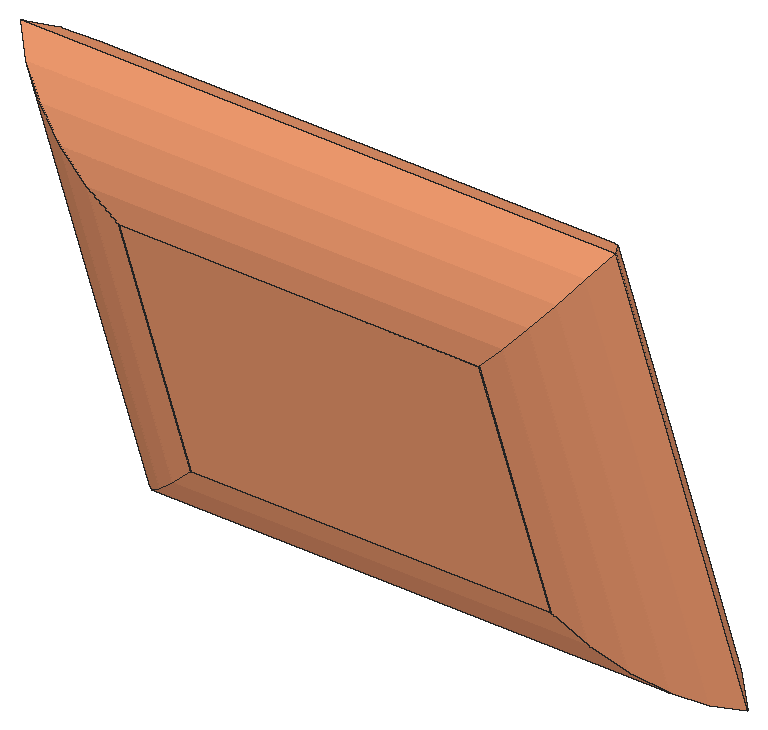
Revit family "Haworth_Janus_Accessories_Pillows_Rectangle", category Furniture, Revit 2018
Family settings
  OmniClass Number = 23.40.20.00
  OmniClass Title = General Furniture and Specialties
  Work Plane-Based = No
  Always vertical = Yes
  Cut with Voids When Loaded = No
  Shared = No
  Room Calculation Point = No
Parameters (values of type "HCJC-JP-P2824")
  WidthCore = Actual Width - 2 * 5 17/32"  # 16 15/16"
  Warranty = "http://www.haworth.com/resources/product-info/warranties"
  Version = "2"  # constant formula
  URL - Product = "https://www.haworth.com/our-brands/haworth-collection/janus-et-cie"
  URL = "http://www.haworth.com/our-brands/haworth-collection"
  Sustainability Info = "https://www.haworth.com/company-info/sustainability"
  Size = "Verify Final Dim. w/ Haworth"  # constant formula
  Pillow Finish [instance] = Haworth _ Fabric _ Janus_Pillows _ Copper JEC-352
  Pillow Offset [instance] = 17"
  Model = "HCJC-JP-P2824"
  Manufacturer = "Haworth"  # constant formula
  HeightCore = Actual Height - 2 * 5 17/32"  # 12 15/16"
  Description = "Haworth - Janus - Pillows - Rectangle - 28 x 24"
  Author = "Haworth (Abd Rahman)"  # constant formula
  Assembly Code = "E2020200"
  Actual Width = 28"
  Actual Height = 24"
  Actual Depth = 5"  # constant formula
Types (10): name | WidthCore | Pillow Offset | Model | HeightCore | Description | Actual Width | Actual Height
  (no name) | 16 15/16" | 17" | "HCJC-JP-P2824" | 12 15/16" | "Haworth - Janus - Pillows - Rectangle - 28 x 24" | 28" | 24"
  HCJC-JP-P2412 | 12 15/16" | 2.06127" | "HCJC-JP-P2412" | 15/16" | "Haworth - Janus - Pillows - Rectangle - 24 x 12" | 24" | 12"
  HCJC-JP-P2014 | 8 15/16" | 2.06127" | "HCJC-JP-P2014" | 2 15/16" | "Haworth - Janus - Pillows - Rectangle - 20 x 14" | 20" | 14"
  HCJC-JP-P2017 | 8 15/16" | 2.06127" | "HCJC-JP-P2017" | 5 15/16" | "Haworth - Janus - Pillows - Rectangle - 20 x 17" | 20" | 17"
  HCJC-JP-P2018 | 8 15/16" | 2.06127" | "HCJC-JP-P2018" | 6 15/16" | "Haworth - Janus - Pillows - Rectangle - 20 x 18" | 20" | 18"
  HCJC-JP-P1812 | 6 15/16" | 2.06127" | "HCJC-JP-P1812" | 15/16" | "Haworth - Janus - Pillows - Rectangle - 18 x 12" | 18" | 12"
  HCJC-JP-P2417 | 12 15/16" | 2.06127" | "HCJC-JP-P2417" | 5 15/16" | "Haworth - Janus - Pillows - Rectangle - 24 x 17" | 24" | 17"
  HCJC-JP-P2815 | 16 15/16" | 2.06127" | "HCJC-JP-P2815" | 3 15/16" | "Haworth - Janus - Pillows - Rectangle - 28 x 15" | 28" | 15"
  HCJC-JP-P2822 | 16 15/16" | 2.06127" | "HCJC-JP-P2822" | 10 15/16" | "Haworth - Janus - Pillows - Rectangle - 28 x 22" | 28" | 22"
  HCJC-JP-P2824 | 16 15/16" | 17" | "HCJC-JP-P2824" | 12 15/16" | "Haworth - Janus - Pillows - Rectangle - 28 x 24" | 28" | 24"
Reference planes (in)
  plane 1 "Center Front/Back": y = -1.75
  plane 2: z = 0
  plane 3 "Center Left/Right": x = 0
  plane 4: through (-8.71875, -176.26422, -24.17327) normal (0, -0.3256, 0.9455)
  plane 5: through (-8.71875, -172.05218, -36.40592) normal (0, -0.3256, 0.9455)
  plane 6: x = -8.46875
  plane 7: x = 8.46875
  plane 8: x = 0
  plane 9: x = -14
  plane 10: x = 14
  plane 11: y = 0.52851
  plane 12: y = -4.47149
  plane 13: y = 1.52851
  plane 14: y = -5.47149
  plane 15 "Offset Height": z = 17
Forms (in)
  Extrusion 1, solid, material "Haworth _ Fabric _ Janus_Pillows _ Copper JEC-352" <- "Pillow Finish"
    sketch origin (-3, 5.89044, -0.3092) x (1, 0, 0) y (0, -0.325568, 0.945519)
      loop
        line (-5.46875, 36.73983) -> (-5.46875, 23.80233) -> (11.46875, 23.80233) -> (11.46875, 36.73983) -> (-5.46875, 36.73983)
    from -3 to 3
  Sweep 2, solid, material "Haworth _ Fabric _ Janus_Pillows _ Copper JEC-352" <- "Pillow Finish"
    path in 3D
      loop
        line (-8.46875, -8.90743, 33.45229) -> (-8.46875, -4.6954, 21.21964) -> (8.46875, -4.6954, 21.21964) -> (8.46875, -8.90743, 33.45229) -> (-8.46875, -8.90743, 33.45229)
    profile origin (0, -8.90743, 33.45229) x (0, -0.945519, -0.325568) y (0, -0.325568, 0.945519)
      loop
        line (-6, 0) -> (0, 0)
        arc (0, 0) -> (-0.85828, 3.134) -> (-3.0658, 5.51842) r 6.84077
        arc (-3.0658, 5.51842) -> (-5.14908, 3.08684) -> (-6, 0) r 7.34567
Lines and regions (in)
  Masking region 1
    outline origin (-37, -180, 17) x (-1, 0, 0) y (0, -1, 0)
      loop
        line (-23, -180.52851) -> (-23, -175.52851)
        arc (-23, -175.52851) -> (-37, -174.52851) -> (-51, -175.52851) r 98.5
        line (-51, -175.52851) -> (-51, -180.52851)
        arc (-51, -180.52851) -> (-37, -181.52851) -> (-23, -180.52851) r 98.5
  sketch lines
    curve 1: line (8.46875, -8.90743, 33.45229) -> (-8.46875, -8.90743, 33.45229)
    curve 2: line (8.46875, -4.6954, 21.21964) -> (8.46875, -8.90743, 33.45229)
    curve 3: line (-8.46875, -4.6954, 21.21964) -> (8.46875, -4.6954, 21.21964)
    curve 4: line (-8.46875, -8.90743, 33.45229) -> (-8.46875, -4.6954, 21.21964)
Dimensions and locks (in)
  "HeightCore": plane 4 to plane 5
  plane 6 to plane 7 = 16 15/16"
  "WidthCore": plane 6 to plane 7
  equal spacing: plane 7, plane 8, plane 6
  "Actual Width": plane 9 to plane 10
  "Actual Depth": plane 11 to plane 12
  equal spacing: plane 9, plane 3 "Center Left/Right", plane 10
  locked: plane 12 to plane 14 at 1
  locked: plane 13 to plane 11 at 1
  "Pillow Offset": plane 15 "Offset Height" to level
  aligned and locked: level to plane 2
  aligned and locked: plane 11 to Masking region 1 sketch curve  (x2)
  aligned and locked: plane 12 to Masking region 1 sketch curve  (x2)
  aligned and locked: plane 10 to Masking region 1 sketch curve
  aligned and locked: Masking region 1 sketch curve to plane 9
Automatic sketch dimensions
  Sweep 2 sketch curve to profile plane = 0"  (x2)
  profile plane to Sweep 2 sketch curve = 6"
  Sweep 2 sketch curve to profile plane = 0.18818"
  Sweep 2 sketch curve to Sweep 2 sketch curve = 0.83818"
  Sweep 2 sketch curve to profile plane = 0.36174"
  Sweep 2 sketch curve to profile plane = 1.33676"
  plane 13 to Masking region 1 sketch curve = 91 1/2"
  plane 14 to Masking region 1 sketch curve = 91 1/2"
  Extrusion 1 sketch curve to plane 5 = 0"
  Extrusion 1 sketch curve to plane 6 = 0"
  Extrusion 1 sketch curve to plane 7 = 0"
  Extrusion 1 sketch curve to plane 4 = 0"
